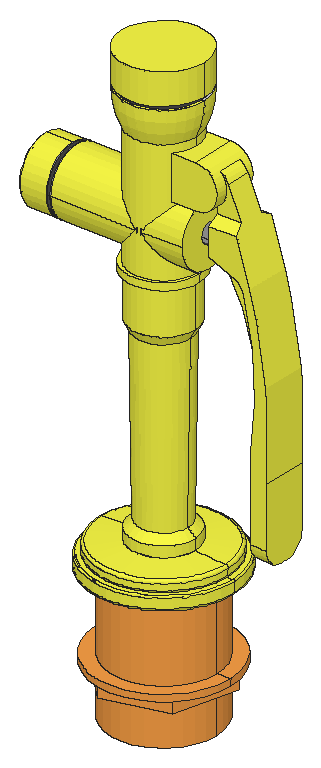
Revit family "Arboles UK - 3120", category Plumbing Fixtures, Revit 2015
Parameters (values of type "3120")
  URL = "www.arboles.co.uk"
  Pressure = "Min 2bar max 8bar"
  Min Flow Rate = "15 Lts/min"
  Max Bench Thickness = "40mm"
  Manufacturer = "Arboles UK Ltd, Tel: 01204 388814"
  Description = "Bench mounted retractable hand held eyewash"
  Connections = "1/2\" BSP female loose nut"
  Colour = "Yellow; Ral 1016"
  Bench Drilling Hole = "43mm Diameter"
  Additional supplied items = "1/2\" Bsp flexible braided hose 1.5Mtrs long"
Reference planes (in)
  plane 1 "Center (Front/Back)": y = 0
  plane 2: z = 0
  plane 3 "Center (Left/Right)": x = 0
Dimensions and locks (in)
  aligned and locked: level to plane 2
Nested families (in)
  nested 1: "3120 Valve Body" at (0, 0, 0), type "3120 Valve Body"
  nested 2: "Bush" at (0, 0, -2.44744), type "Bush"
  nested 3: "3120 Bench nut" at (0, 0, -1.6816), type "3120 Bench nut"
Definition of nested family "3120 Valve Body"
  Reference planes (in)
    plane 1 "Center (Front/Back)": y = 0
    plane 2: z = 0
    plane 3 "Center (Left/Right)": x = 0
  Dimensions and locks (in)
    aligned and locked: level to plane 2
  Nested families (in)
    nested 1: "3120 BODYa" at (0, 0, 0), type "3120 BODYa"
    nested 2: "3120 LEVER" at (0.4049, -0.6644, -0.06936), type "3120 LEVER"
  Definition of nested family "3120 BODYa"
    Reference planes (in)
      plane 1 "Center (Front/Back)": y = 0
      plane 2: z = 0
      plane 3 "Center (Left/Right)": x = 0
    Forms (in)
      Revolve 1, solid
        sketch origin (0, 0, 0) x (1, 0, 0) y (0, 0, 1)
          loop
            line (0, 0) -> (0.49366, 0) -> (0.49366, 0.15836) -> (0.37782, 0.2742) -> (0.41861, 2.89198) -> (0.48969, 3.02911) -> (0.48969, 3.71177) -> (0.55957, 3.71177) -> (0.55957, 3.82466) -> (0.50723, 3.82466) -> (0.50723, 5.69662)
            arc (0.50723, 5.69662) -> (0.60344, 5.95851) -> (0.63148, 6.23609) r 1.1126
            line (0.63148, 6.23609) -> (0, 6.23609) -> (0, 0)
          axis (0, 6.23609) -> (0, 0)
        angle from 0 to 360
      Extrusion 2, solid
        sketch origin (0, 0, 0) x (0, 1, 0) y (0, 0, 1)
          loop
            circle (0, 4.45048) r 0.50394
        from 0 to -1.33858
      Extrusion 3, solid
        sketch origin (0, 0, 0) x (0, 1, 0) y (0, 0, 1)
          loop
            circle (0, 4.45048) r 0.50394
        from 0 to 0.69882
      Extrusion 4, solid
        sketch origin (0, 0, 0) x (0, 1, 0) y (0, 0, 1)
          loop
            circle (0, 4.45048) r 0.50394
        from 0 to 0.05906
      Extrusion 5, solid
        sketch origin (-1.33858, 0, 0) x (0, -1, 0) y (0, 0, 1)
          loop
            circle (0, 4.45048) r 0.50394
        from 0 to 0.05906
      Revolve 6, solid
        sketch origin (0, 0, 0) x (1, 0, 0) y (0, 0, 1)
          loop
            line (-1.39764, 4.45048) -> (-1.83246, 4.45048) -> (-1.83246, 3.98465) -> (-1.79567, 3.94786) -> (-1.39764, 3.94786) -> (-1.39764, 4.45048)
          axis (-1.83246, 4.45048) -> (-1.39764, 4.45048)
        angle from 0 to 360
      Extrusion 7, solid
        sketch origin (0, 0, 0) x (0, 1, 0) y (0, 0, 1)
          loop
            line (0, 4.9126) -> (0.33437, 4.9126) -> (0.33437, 5.58209) -> (-0.33512, 5.58209) -> (-0.33512, 4.9126) -> (0, 4.9126)
        from 0 to 1.10236
      Extrusion 8, void
        sketch origin (0, 0, 0) x (1, 0, 0) y (0, 0, 1)
          loop
            arc (0.76752, 5.58209) -> (1.10226, 5.24734) -> (0.76752, 4.9126) r 0.33474
            line (0.76752, 4.9126) -> (0.76752, 4.8386) -> (1.2758, 4.8386) -> (1.2758, 5.65592) -> (0.76752, 5.65592) -> (0.76752, 5.58209)
        from -0.45276 to 1.1811
      Extrusion 9, void
        sketch origin (0, 0, 0) x (0, 1, 0) y (0, 0, 1)
          loop
            line (-0.00038, 5.58209) -> (-0.15787, 5.58209) -> (-0.15787, 4.89373) -> (0.15817, 4.89373) -> (0.15817, 5.58209) -> (-0.00038, 5.58209)
        from 0 to 0.31496
      Extrusion 10, solid
        sketch origin (0.69882, 0, 0) x (0, 1, 0) y (0, 0, 1)
          loop
            circle (0, 4.45048) r 0.14764
        from 0 to 0.26531
      Extrusion 11, solid
        sketch origin (0, 0, 6.23609) x (1, 0, 0) y (0, 1, 0)
          loop
            circle (0, 0) r 0.59055
        from 0 to 0.05906
      Extrusion 12, solid
        sketch origin (0, 0, 6.29515) x (1, 0, 0) y (0, 1, 0)
          loop
            circle (0, 0) r 0.63513
        from 0 to 0.47244
      Extrusion 13, solid
        sketch origin (0, 0, 0) x (1, 0, 0) y (0, -1, 0)
          loop
            circle (0, 0) r 0.41339
        from 0 to 0.66929
    Cuts and joins
      Extrusion 8, Extrusion 9 cuts Extrusion 7
      Extrusion 9 cuts Revolve 1
      Extrusion 9 cuts Extrusion 2
      Extrusion 9 cuts Extrusion 3
      Extrusion 9 cuts Extrusion 4
    Lines and regions (in)
      reference lines
        curve 1: line (0, 0, 0) -> (0.49366, 0, 0)
        curve 2: line (0.49366, 0, 0) -> (0.49366, 0, 0.15836)
        curve 3: line (0.49366, 0, 0.15836) -> (0.37782, 0, 0.2742)
        curve 4: line (0.37782, 0, 0.2742) -> (0.41861, 0, 2.89198)
        curve 5: line (0.41861, 0, 2.89198) -> (0.48969, 0, 3.02911)
        curve 6: line (0.48969, 0, 3.02911) -> (0.48969, 0, 3.71177)
        curve 7: line (0.48969, 0, 3.71177) -> (0.55957, 0, 3.71177)
        curve 8: line (0.55957, 0, 3.71177) -> (0.55957, 0, 3.82466)
        curve 9: line (0.55957, 0, 3.82466) -> (0.43315, 0, 3.82466)
        curve 10: line (0.50723, 0, 3.82466) -> (0.50723, 0, 5.69662)
        curve 11: line (0, 0, 6.23609) -> (0.63148, 0, 6.23609)
        curve 12: line (0.50723, 0, 5.69662) -> (0.63148, 0, 6.23609)
        curve 13: line (0, 0, 0) -> (0, 0, 0.43307)
        curve 14: line (0, 0, 0) -> (0, 0, 4.45048)
        curve 15: line (0, 0, 4.45048) -> (0, -0.45276, 4.45048)
        curve 16: line (0, -0.45276, 4.45048) -> (0, -0.45276, 4.56006)
        curve 17: line (0, 0, 4.45048) -> (0, 0.45276, 4.45048)
        curve 18: line (0, 0.45276, 4.45048) -> (0, 0.45276, 4.56006)
        curve 19: line (1.10236, 0, 5.24734) -> (0.76752, 0, 5.24734)
        curve 20: line (0, 1.00366, 8.41224) -> (0, 0.84661, 8.41224)
        curve 21: line (0, 1.00366, 8.41224) -> (0, 0.84661, 8.41224)
        curve 22: line (0, 1.00366, 8.41224) -> (0, 0.84661, 8.41224)
    Dimensions and locks (in)
      aligned and locked: level to plane 2
  Definition of nested family "3120 LEVER"
    Reference planes (in)
      plane 1 "Center (Front/Back)": y = 0
      plane 2: z = 0
      plane 3 "Center (Left/Right)": x = 0
    Forms (in)
      Extrusion 1, solid
        sketch origin (-3.58934, 0.33437, 3.7746) x (0, 0, 1) y (1, 0, 0)
          loop
            line (-3.38402, 5.03643) -> (-3.38402, 4.79445) -> (-1.51456, 4.79445)
            arc (-1.51456, 4.79445) -> (-0.38559, 4.63068) -> (0.65031, 4.15287) r 3.97324
            line (0.65031, 4.15287) -> (1.28747, 4.15287) -> (1.28747, 3.99173)
            arc (1.28747, 3.99173) -> (1.34513, 3.85253) -> (1.48432, 3.79488) r 0.19685
            line (1.48432, 3.79488) -> (1.57823, 3.79488)
            arc (1.57823, 3.79488) -> (1.7399, 3.86184) -> (1.80686, 4.02351) r 0.22863
            line (1.80686, 4.02351) -> (1.80686, 4.06253)
            arc (1.80686, 4.06253) -> (1.76038, 4.222) -> (1.6355, 4.33154) r 0.29683
            arc (1.6355, 4.33154) -> (-0.22219, 4.9262) -> (-2.16962, 5.03643) r 7.72223
            line (-2.16962, 5.03643) -> (-3.38402, 5.03643)
        from 0 to 0.66929
      Extrusion 2, void
        sketch origin (1.44708, 0.33437, 0.39058) x (0, 0, -1) y (0, -1, 0)
          loop
            line (-5.19088, 0) -> (-5.19088, -0.15747) -> (-4.55678, -0.15747) -> (-4.43712, 0.01343) -> (-4.40709, 0.05632) -> (-5.19088, 0.05632) -> (-5.19088, 0)
        from 0 to 1.5748
      Extrusion 3, void
        sketch origin (1.44708, 0.33437, 0.39058) x (0, 0, -1) y (0, -1, 0)
          loop
            line (-5.19088, -0.66929) -> (-5.19088, -0.793) -> (-4.40017, -0.793) -> (-4.55537, -0.51302) -> (-5.19088, -0.51302) -> (-5.19088, -0.66929)
        from 0 to 1.5748
      Extrusion 4, void
        sketch origin (-3.58934, 0.33437, 3.7746) x (0, 0, 1) y (1, 0, 0)
          loop
            arc (0.47201, 4.55339) -> (0.42754, 4.61856) -> (0.36297, 4.6639) r 0.22045
            line (0.36297, 4.6639) -> (0.29557, 4.68277)
            arc (0.29557, 4.68277) -> (-0.761, 4.8509) -> (-1.82943, 4.7954) r 5.11079
            line (-1.82943, 4.7954) -> (-1.82943, 4.75685) -> (-1.82943, 3.95602) -> (0.65031, 3.95602) -> (0.65031, 4.15287) -> (0.47201, 4.55339)
        from 0 to 0.19685
      Extrusion 5, void
        sketch origin (0.56353, 0.33437, 5.06207) x (0, 0, 1) y (0, -1, 0)
          loop
            line (-4.67149, -0.33465) -> (-4.67149, -0.28224)
            arc (-4.67149, -0.28224) -> (-4.58882, -0.08267) -> (-4.38924, 0) r 0.28224
            line (-4.38924, 0) -> (-4.18531, 0) -> (-4.18531, 0.24309) -> (-4.8667, 0.24309) -> (-4.8667, -0.89105) -> (-4.18531, -0.89105) -> (-4.18531, -0.66929) -> (-4.38766, -0.66929)
            arc (-4.38766, -0.66929) -> (-4.58836, -0.58616) -> (-4.67149, -0.38546) r 0.28383
            line (-4.67149, -0.38546) -> (-4.67149, -0.33465)
        from 0 to 1.13313
    Cuts and joins
      Extrusion 2, Extrusion 3, Extrusion 4, Extrusion 5 cuts Extrusion 1
    Lines and regions (in)
      reference lines
        curve 1: line (0, 1.00366, 8.41224) -> (0, 0.84661, 8.41224)
    Dimensions and locks (in)
      aligned and locked: level to plane 2
Definition of nested family "Bush"
  Reference planes (in)
    plane 1 "Center (Front/Back)": y = 0
    plane 2: z = 0
    plane 3 "Center (Left/Right)": x = 0
  Forms (in)
    Revolve 1, solid
      sketch origin (0, 0, 0) x (1, 0, 0) y (0, 0, 1)
        loop
          line (0.81693, 0) -> (0.81693, 2.04724) -> (1.07009, 2.04724)
          arc (1.07009, 2.04724) -> (1.08595, 2.05381) -> (1.09252, 2.06967) r 0.02243
          line (1.09252, 2.06967) -> (1.09252, 2.22214)
          arc (1.09252, 2.22214) -> (1.08609, 2.23766) -> (1.07056, 2.24409) r 0.02196
          line (1.07056, 2.24409) -> (0.96937, 2.24409)
          arc (0.96937, 2.24409) -> (0.98604, 2.251) -> (0.99295, 2.26767) r 0.02358
          line (0.99295, 2.26767) -> (0.99295, 2.36462)
          arc (0.99295, 2.36462) -> (0.98105, 2.39483) -> (0.95175, 2.4088) r 0.04429
          line (0.95175, 2.4088) -> (0.49213, 2.44094) -> (0, 2.44094) -> (0, 2.24409) -> (0.56102, 2.24409) -> (0.56102, 0) -> (0.81693, 0)
        axis (0, 2.44094) -> (0, 0)
      angle from 0 to 360
    Extrusion 2, void
      sketch origin (0, 0, 2.44094) x (0, 1, 0) y (1, 0, 0)
        loop
          circle (0, 0) r 0.45276
      from 0 to 0.3937
  Cuts and joins
    Extrusion 2 cuts Revolve 1
  Dimensions and locks (in)
    aligned and locked: level to plane 2
Definition of nested family "3120 Bench nut"
  Reference planes (in)
    plane 1 "Center (Front/Back)": y = 0
    plane 2: z = 0
    plane 3 "Center (Left/Right)": x = 0
  Forms (in)
    Revolve 1, solid
      sketch origin (0, 0, 0) x (1, 0, 0) y (0, 0, 1)
        loop
          line (0, 0) -> (1.03346, 0) -> (1.03346, 0.09843) -> (0, 0.09843) -> (0, 0)
        axis (0, 0.09843) -> (0, 0)
      angle from 0 to 360
    Extrusion 2, solid
      sketch origin (0, 0, 0) x (1, 0, 0) y (0, -1, 0)
        loop
          line (-0.69597, -0.69597) -> (0.25474, -0.95071) -> (0.95071, -0.25474) -> (0.69597, 0.69597) -> (-0.25474, 0.95071) -> (-0.95071, 0.25474) -> (-0.69597, -0.69597)
      from 0 to 0.19685
    Extrusion 3, void
      sketch origin (0, 0, -0.19685) x (1, 0, 0) y (0, 1, 0)
        loop
          circle (0, 0) r 0.81815
      from 0 to 0.7874
  Cuts and joins
    Extrusion 3 cuts Revolve 1
    Extrusion 3 cuts Extrusion 2
  Dimensions and locks (in)
    aligned and locked: level to plane 2
